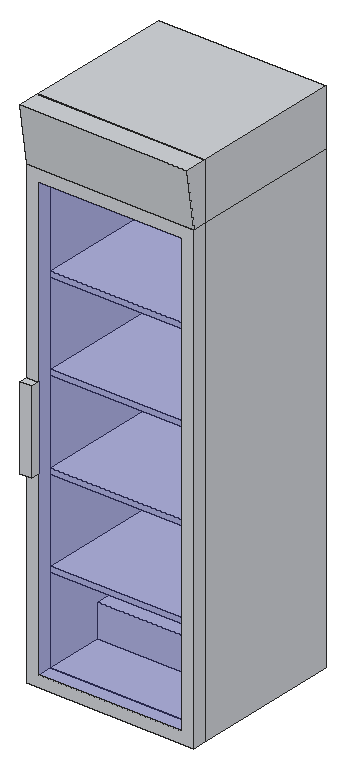
Revit family "Холодильные шкафы со стеклянными дверьми POLAIR Bravo", category Оборудование, Revit 2020
Family settings
  Размер круглого соединителя = Использовать диаметр
  Классификация = Нет
  Тип детали = Нормальный
  На основе рабочей плоскости = Нет
  Всегда вертикально = Да
  При загрузке вырезать с полостями = Нет
  Общий = Нет
  Точка расчета площади = Нет
Parameters (values of type "DM104c-Bravo")
  Ширина = 606 mm
  Цена, руб. = "38 334"
  Холодильный шкаф = none
  Хладагент = "R134a"
  Условия окр. среды (темп./вл-сть,%) = "12-32/60"
  Тип охлаждения = "динамический"
  Терморегулятор = "термостат"
  Система электропитания В/Гц = "220-240/50"
  Расход электроэнергии за сутки, кВт/ч = "2,4"
  Размеры в упаковке, мм = "720х660х2100"
  Размер полки, мм = ""
  Потребляемая мощность, Вт, не более = "240"
  Подсветка = "LED, вертикальная"
  Отметка по умолчанию = 0 mm
  Объем, л. = "390"
  Кол-во полок = "4"
  Ролики = "+"
  Замок = no
  Допустимая нагрузка на полку, кг = "40"
  Диап. рабочих температур = "+1....+10"
  Глубина = 600 mm
  Габаритные размеры, мм = "606х600х1935"
  Высота агрегата = 205 mm
  Высота = 1935 mm
  Вес нетто, кг = "87"
  Вес брутто, кг = "107"
  Верхний агрегат = yes
  4 полки = yes
  2 полки = no
Types (7, lengths in mm): name | Цена, руб. | Условия окр. среды (темп./вл-сть,%) | Терморегулятор | Система электропитания В/Гц | Расход электроэнергии за сутки, кВт/ч | Размеры в упаковке, мм | Размер полки, мм | Потребляемая мощность, Вт, не более | Подсветка | Объем, л. | Кол-во полок | Ролики | Замок | Глубина | Габаритные размеры, мм | Высота агрегата | Высота | Вес нетто, кг | Вес брутто, кг | Верхний агрегат | 4 полки | 2 полки
  (no name) | "38 334" | "12-32/60" | "термостат" | "220-240/50" | "2,4" | "720х660х2100" | "" | "240" | "LED, вертикальная" | "390" | "4" | "+" | no | 600 | "606х600х1935" | 205 | 1935 | "87" | "107" | yes | yes | no
  DM104c-Bravo | "38 334" | "12-32/60" | "термостат" | "220-240/50" | "2,4" | "720х660х2100" | "" | "240" | "LED, вертикальная" | "390" | "4" | "+" | no | 600 | "606х600х1935" | 205 | 1935 | "87" | "107" | yes | yes | no
  DM102-Bravo | "32 900" | "до +32/до 60" | "эл.  блок" | "230/50" | "" | "720х660х1100" | "505*455" | "" | "LED" | "150" | "2" | "" | no | 625 | "606х625х890" | 55.5 | 890 | "58" | "65" | no | no | yes
  DM104-Bravo | "37 907" | "12-32/60" | "термостат" | "220-240/50" | "2,2" | "720х660х1900" | "" | "240" | "LED" | "390" | "4" | "+" | no | 600 | "606х600х1730" | 1 | 1730 | "82" | "102" | no | yes | no
  DM102-Bravo с замком | "34 324" | "до +32/до 60" | "эл.  блок" | "230/50" | "12,5" | "720х660х1100" | "505*455" | "0,55 раб./0,40 отт." | "LED" | "150" | "2" | "" | yes | 625 | "606х625х890" | 55.5 | 890 | "58" | "65" | no | no | yes
  DM102-Bravo черный | "34 734" | "до +32/до 60" | "эл.  блок" | "230/50" | "" | "720х660х1100" | "505*455" | "" | "LED" | "150" | "2" | "" | no | 625 | "606х625х890" | 55.5 | 890 | "58" | "65" | no | no | yes
  DM102-Bravo черный с замком | "36 160" | "до +32/до 60" | "эл.  блок" | "230/50" | "" | "720х660х1100" | "505*455" | "" | "LED" | "150" | "2" | "" | yes | 625 | "606х625х890" | 55.5 | 890 | "58" | "65" | no | no | yes
Reference planes
  plane 1 "По центру (Вперед/Назад)": y = 0
  plane 2: z = 0
  plane 3 "По центру (Влево/Вправо)": x = 0
  plane 4: x = -303
  plane 5: x = 303
  plane 6: y = -600
  plane 7: y = 0
  plane 8: y = -549
  plane 9: x = -260
  plane 10: x = 260
  plane 11: y = -43
  plane 12: z = 1935
  plane 13: z = 1730
  plane 14: z = 40
  plane 15: z = 1687
  plane 16: z = 83
  plane 17: z = 1045.4
  plane 18: z = 1366.2
  plane 19: z = 724.6
  plane 20: z = 403.8
  plane 21: y = -630
  plane 22: x = -303
  plane 23: x = -260
  plane 24: z = 735
  plane 25: z = 1035
  plane 26: x = -197
  plane 27: x = -193
  plane 28: y = -520
  plane 29: y = -110
  plane 30: x = 193
  plane 31: z = 617.667
  plane 32: z = 1152.333
  plane 33: y = -333.335
  plane 34: z = 1905
  plane 35: z = 885
Forms (mm)
  Extrusion 1, solid, material <- "Холодильный шкаф"
    sketch origin (0, 0, 0) x (1, 0, 0) y (0, 0, 1)
      loop
        line (-303, 1730) -> (-303, 40) -> (303, 40) -> (303, 1730) -> (-303, 1730)
    from 0 to 549
  Extrusion 2, void
    sketch origin (0, 0, 0) x (1, 0, 0) y (0, 0, 1)
      loop
        line (-260, 1687) -> (-260, 83) -> (260, 83) -> (260, 1687) -> (-260, 1687)
    from 43 to 549
  Extrusion 3, solid, material <- "Холодильный шкаф"
    sketch origin (0, 0, 0) x (1, 0, 0) y (0, 0, 1)
      loop
        line (-303, 1730) -> (-303, 40) -> (303, 40) -> (303, 1730) -> (-303, 1730)
      loop
        line (-260, 1687) -> (-260, 83) -> (260, 83) -> (260, 1687) -> (-260, 1687)
    from 549 to 600
  Extrusion 4, solid, material "Стекло"
    sketch origin (0, 0, 0) x (1, 0, 0) y (0, 0, 1)
      loop
        line (-260, 1687) -> (-260, 83) -> (260, 83) -> (260, 1687) -> (-260, 1687)
    from 549 to 600
  Extrusion 5, solid, material <- "Холодильный шкаф", visible <- "4 полки", detail levels medium+fine
    sketch origin (0, 0, 0) x (1, 0, 0) y (0, 1, 0)
      loop
        line (-260, -600) -> (-303, -600) -> (-303, -630) -> (-260, -630) -> (-260, -600)
    from 735 to 1035
  Extrusion 6, solid, visible <- "4 полки", detail levels medium+fine
    sketch origin (0, 0, 0) x (1, 0, 0) y (0, 0, 1)
      loop
        line (-260, 413.8) -> (-260, 393.8) -> (260, 393.8) -> (260, 413.8) -> (-260, 413.8)
    from 43 to 549
  Extrusion 7, solid, visible <- "4 полки", detail levels medium+fine
    sketch origin (0, 0, 0) x (1, 0, 0) y (0, 0, 1)
      loop
        line (-260, 734.6) -> (-260, 714.6) -> (260, 714.6) -> (260, 734.6) -> (-260, 734.6)
    from 43 to 549
  Extrusion 8, solid, visible <- "4 полки", detail levels medium+fine
    sketch origin (0, 0, 0) x (1, 0, 0) y (0, 0, 1)
      loop
        line (-260, 1055.4) -> (-260, 1035.4) -> (260, 1035.4) -> (260, 1055.4) -> (-260, 1055.4)
    from 43 to 549
  Extrusion 9, solid, visible <- "4 полки", detail levels medium+fine
    sketch origin (0, 0, 0) x (1, 0, 0) y (0, 0, 1)
      loop
        line (-260, 1376.2) -> (-260, 1356.2) -> (260, 1356.2) -> (260, 1376.2) -> (-260, 1376.2)
    from 43 to 549
  Extrusion 10, solid, material <- "Холодильный шкаф"
    sketch origin (0, 0, 0) x (1, 0, 0) y (0, 0, 1)
      loop
        line (-303, 1935) -> (-303, 1730) -> (303, 1730) -> (303, 1935) -> (-303, 1935)
    from 0 to 549
  Extrusion 11, solid, visible <- "Верхний агрегат"
    sketch origin (0, 0, 0) x (0, 1, 0) y (0, 0, 1)
      loop
        line (-630, 1935) -> (-600, 1730) -> (-549, 1730) -> (-549, 1935) -> (-630, 1935)
    from -303 to 303
  Extrusion 12, solid
    sketch origin (0, 0, 0) x (1, 0, 0) y (0, 1, 0)
      loop
        circle (-193, -110) r 10
    from 0 to 40
  Extrusion 13, solid
    sketch origin (0, 0, 0) x (1, 0, 0) y (0, 1, 0)
      loop
        circle (-193, -520) r 10
    from 0 to 40
  Extrusion 14, solid
    sketch origin (0, 0, 0) x (1, 0, 0) y (0, 1, 0)
      loop
        circle (193, -110) r 10
    from 0 to 40
  Extrusion 15, solid
    sketch origin (0, 0, 0) x (1, 0, 0) y (0, 1, 0)
      loop
        circle (193, -520) r 10
    from 0 to 40
  Extrusion 16, solid, visible <- "2 полки", detail levels medium+fine
    sketch origin (0, 0, 0) x (1, 0, 0) y (0, 0, 1)
      loop
        line (-260, 1162.333) -> (-260, 1142.333) -> (260, 1142.333) -> (260, 1162.333) -> (-260, 1162.333)
    from 43 to 549
  Extrusion 17, solid, visible <- "2 полки", detail levels medium+fine
    sketch origin (0, 0, 0) x (1, 0, 0) y (0, 0, 1)
      loop
        line (-260, 627.667) -> (-260, 607.667) -> (260, 607.667) -> (260, 627.667) -> (-260, 627.667)
    from 110 to 549
  Extrusion 18, solid, visible <- "2 полки"
    sketch origin (0, 0, 0) x (1, 0, 0) y (0, 0, 1)
      loop
        line (-303, 1935) -> (-303, 1730) -> (303, 1730) -> (303, 1935) -> (-303, 1935)
    from 549 to 600
  Extrusion 19, solid, visible <- "2 полки", detail levels medium+fine
    sketch origin (0, 0, 0) x (1, 0, 0) y (0, 0, 1)
      loop
        line (128.522, 1914.874) -> (128.522, 1894.874) -> (288.522, 1894.874) -> (288.522, 1914.874) -> (128.522, 1914.874)
    from 600 to 609.845
  Extrusion 20, solid
    sketch origin (0, 0, 0) x (1, 0, 0) y (0, 0, 1)
      loop
        line (-260, 203) -> (-260, 83) -> (260, 83) -> (260, 203) -> (-260, 203)
    from 43 to 333.335
  Extrusion 21, solid, visible <- "Замок", detail levels medium+fine
    sketch origin (0, 0, 0) x (1, 0, 0) y (0, 0, 1)
      loop
        circle (-226.654, 1905) r 10
    from 600 to 609.845
Cuts and joins
  Extrusion 2 cuts Extrusion 1
Dimensions and locks
  equal spacing: plane 4, plane 3 "По центру (Влево/Вправо)", plane 5
  "Ширина": plane 4 to plane 5
  "Глубина": plane 6 to plane 1 "По центру (Вперед/Назад)"
  plane 7 to plane 8 = 549 mm
  locked: plane 8 to plane 6 at 51
  locked: plane 7 to plane 11 at 43
  locked: plane 4 to plane 9 at 43
  locked: plane 10 to plane 5 at 43
  "Высота": plane 12 to plane 2
  "Высота агрегата": plane 12 to plane 13
  plane 13 to plane 14 = 1690 mm
  locked: plane 14 to plane 2 at 40
  locked: plane 13 to plane 15 at 43
  locked: plane 16 to plane 14 at 43
  equal spacing: plane 15, plane 18, plane 17, plane 19, plane 20, plane 16
  locked: plane 6 to plane 21 at 30
  plane 3 "По центру (Влево/Вправо)" to Extrusion 5 = 260 mm
  plane 5 to plane 22 = 606 mm
  locked: plane 23 to plane 22 at 43
  equal spacing: Extrusion 6 sketch curve, plane 20, Extrusion 6 sketch curve, locked at 10 each
  equal spacing: Extrusion 7 sketch curve, plane 19, Extrusion 7 sketch curve, locked at 10 each
  equal spacing: Extrusion 8 sketch curve, plane 17, Extrusion 8 sketch curve, locked at 10 each
  equal spacing: Extrusion 9 sketch curve, plane 18, Extrusion 9 sketch curve, locked at 10 each
  locked: plane 26 to plane 5 at 500
  locked: plane 30 to plane 5 at 110
  locked: plane 4 to plane 27 at 110
  locked: plane 7 to plane 29 at 110
  locked: plane 28 to plane 21 at 110
  equal spacing: plane 15, plane 32, plane 31, plane 16
  equal spacing: Extrusion 16 sketch curve, plane 32, Extrusion 16 sketch curve, locked at 10 each
  equal spacing: Extrusion 17 sketch curve, plane 31, Extrusion 17 sketch curve, locked at 10 each
  locked: Extrusion 19 sketch curve to Extrusion 19 sketch curve at 20
  locked: Extrusion 19 sketch curve to Extrusion 19 sketch curve at 160
  locked: plane 6 to Extrusion 19 at 9.845
  locked: plane 5 to Extrusion 19 at 14.478
  locked: Extrusion 20 sketch curve to Extrusion 4 at 120
  locked: plane 11 to plane 33 at 290.335
  locked: plane 12 to plane 34 at 30
  equal spacing: plane 15, plane 35, plane 16
  equal spacing: plane 25, plane 35, plane 24
  aligned and locked: level to plane 2
  aligned and locked: plane 14 to Extrusion 1 sketch curve
  aligned and locked: Extrusion 1 sketch curve to plane 13
  aligned and locked: Extrusion 1 sketch curve to plane 5
  aligned and locked: plane 7 to Extrusion 1
  aligned and locked: Extrusion 1 to plane 8
  aligned and locked: Extrusion 2 sketch curve to plane 15
  aligned and locked: plane 16 to Extrusion 2 sketch curve
  aligned and locked: Extrusion 2 sketch curve to plane 10
  aligned and locked: plane 11 to Extrusion 2
  aligned and locked: Extrusion 2 to plane 8
  aligned and locked: Extrusion 3 sketch curve to cut or joined group of Extrusion 1, Extrusion 2  (x3)
  aligned and locked: Extrusion 3 to plane 6
  aligned and locked: plane 8 to Extrusion 3
  aligned and locked: Extrusion 3 sketch curve to plane 15
  aligned and locked: Extrusion 3 sketch curve to plane 10
  aligned and locked: plane 16 to Extrusion 3 sketch curve
  aligned and locked: Extrusion 4 sketch curve to plane 15
  aligned and locked: plane 16 to Extrusion 4 sketch curve
  aligned and locked: Extrusion 4 sketch curve to plane 10
  aligned and locked: Extrusion 4 to plane 6
  aligned and locked: Extrusion 3 to Extrusion 5 sketch curve
  aligned and locked: plane 21 to Extrusion 5 sketch curve
  aligned and locked: plane 23 to Extrusion 4 sketch curve
  aligned and locked: plane 23 to Extrusion 3 sketch curve
  aligned and locked: plane 22 to Extrusion 3 sketch curve
  aligned and locked: plane 23 to Extrusion 5 sketch curve
  aligned and locked: Extrusion 5 sketch curve to plane 22
  aligned and locked: plane 8 to Extrusion 4
  aligned and locked: Extrusion 6 to plane 8
  aligned and locked: plane 11 to Extrusion 6
  aligned and locked: Extrusion 6 sketch curve to plane 10
  aligned and locked: plane 23 to Extrusion 6 sketch curve
  aligned and locked: plane 23 to Extrusion 2 sketch curve
  aligned and locked: plane 22 to Extrusion 1 sketch curve
  aligned and locked: plane 23 to Extrusion 7 sketch curve
  aligned and locked: Extrusion 7 sketch curve to plane 10
  aligned and locked: Extrusion 7 to plane 8
  aligned and locked: plane 11 to Extrusion 7
  aligned and locked: plane 23 to Extrusion 8 sketch curve
  aligned and locked: Extrusion 8 sketch curve to plane 10
  aligned and locked: Extrusion 8 to plane 8
  aligned and locked: plane 11 to Extrusion 8
  aligned and locked: plane 23 to Extrusion 9 sketch curve
  aligned and locked: Extrusion 9 sketch curve to plane 10
  aligned and locked: Extrusion 9 to plane 8
  aligned and locked: plane 11 to Extrusion 9
  aligned and locked: Extrusion 10 sketch curve to plane 12
  aligned and locked: Extrusion 10 sketch curve to cut or joined group of Extrusion 1, Extrusion 2  (x2)
  aligned and locked: Extrusion 10 to plane 8
  aligned and locked: plane 7 to Extrusion 10
  aligned and locked: Extrusion 10 sketch curve to plane 4
  aligned and locked: Extrusion 11 sketch curve to plane 13
  aligned and locked: plane 8 to Extrusion 11 sketch curve
  aligned and locked: plane 12 to Extrusion 11 sketch curve
  aligned and locked: Extrusion 11 to plane 4
  aligned and locked: plane 5 to Extrusion 11
  aligned and locked: plane 25 to Extrusion 5
  aligned and locked: Extrusion 5 to plane 24
  aligned and locked: plane 14 to Extrusion 12
  aligned and locked: Extrusion 12 to level
  aligned and locked: plane 14 to Extrusion 13
  aligned and locked: Extrusion 13 to level
  aligned and locked: plane 14 to Extrusion 14
  aligned and locked: Extrusion 14 to level
  aligned and locked: plane 14 to Extrusion 15
  aligned and locked: Extrusion 15 to level
  aligned and locked: plane 9 to Extrusion 16 sketch curve
  aligned and locked: Extrusion 16 sketch curve to plane 10
  aligned and locked: Extrusion 16 to plane 8
  aligned and locked: plane 11 to Extrusion 16
  aligned and locked: plane 7 to plane 1 "По центру (Вперед/Назад)"
  aligned and locked: plane 9 to Extrusion 17 sketch curve
  aligned and locked: Extrusion 17 sketch curve to plane 10
  aligned and locked: Extrusion 18 sketch curve to Extrusion 10  (x2)
  aligned and locked: Extrusion 18 sketch curve to cut or joined group of Extrusion 1, Extrusion 2  (x2)
  aligned and locked: Extrusion 18 to plane 6
  aligned and locked: plane 8 to Extrusion 18
  aligned and locked: plane 6 to Extrusion 19
  aligned and locked: plane 22 to plane 4
  aligned and locked: Extrusion 17 to plane 8
  aligned and locked: plane 29 to Extrusion 17
  aligned and locked: plane 9 to Extrusion 20 sketch curve
  aligned and locked: Extrusion 20 sketch curve to cut or joined group of Extrusion 1, Extrusion 2  (x2)
  aligned and locked: plane 11 to Extrusion 20
  aligned and locked: Extrusion 20 to plane 33
  aligned and locked: Extrusion 21 to Extrusion 19
  aligned and locked: plane 6 to Extrusion 21
Automatic sketch dimensions
  Extrusion 6 sketch curve to plane 20 = 10 mm
  Extrusion 7 sketch curve to plane 19 = 10 mm
  Extrusion 8 sketch curve to plane 17 = 10 mm
  Extrusion 9 sketch curve to plane 18 = 10 mm
  Extrusion 12 sketch curve to plane 27 = 0 mm
  Extrusion 12 sketch curve to plane 29 = 0 mm
  Extrusion 13 sketch curve to plane 27 = 0 mm
  Extrusion 13 sketch curve to plane 28 = 0 mm
  Extrusion 14 sketch curve to plane 29 = 0 mm
  Extrusion 14 sketch curve to plane 30 = 0 mm
  Extrusion 15 sketch curve to plane 28 = 0 mm
  Extrusion 15 sketch curve to plane 30 = 0 mm
  Extrusion 16 sketch curve to plane 32 = 10 mm
  Extrusion 17 sketch curve to plane 31 = 10 mm
  Extrusion 19 sketch curve to plane 5 = 14.478 mm
  Extrusion 19 sketch curve to plane 12 = 40.126 mm
  Extrusion 11 sketch curve to plane 21 = 0 mm
  Extrusion 11 sketch curve to plane 6 = 0 mm
  Extrusion 21 sketch curve to plane 34 = 0 mm
  Extrusion 21 sketch curve to plane 26 = 29.654 mm
  radius of Extrusion 12 sketch curve = 10 mm
  radius of Extrusion 13 sketch curve = 10 mm
  radius of Extrusion 14 sketch curve = 10 mm
  radius of Extrusion 15 sketch curve = 10 mm
  radius of Extrusion 21 sketch curve = 10 mm
